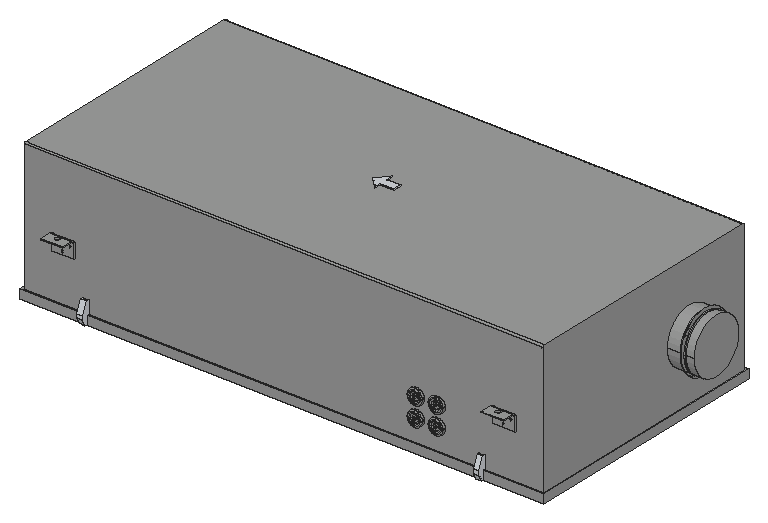
Revit family "Приточная вентустановка Naveka Node4", category Оборудование, Revit 2019
Family settings
  Размер круглого соединителя = Использовать диаметр
  Тип детали = Нормальный
  Номер OmniClass = 23.75.00.00
  Заголовок OmniClass = Climate Control (HVAC)
  На основе рабочей плоскости = Нет
  Всегда вертикально = Да
  При загрузке вырезать с полостями = Нет
  Общий = Нет
  Точка расчета площади = Нет
Parameters (values of type "Node4-100/E1")
  Ток ТЭНа (на фазу), А = "4.5"
  Сила вентилятора, А = "0.3"
  Питание, В = "1-220"
  Мощность калорифера, кВт = "1"
  Мощность вентиляторов, кВт = "0.06"
  Материал = RAL 0000 Серый металл
  d = 100 mm
  b = 125 mm
  L = 930 mm
  H = 250 mm
  D+4.5 = D + 4.5 mm  # 53.5 mm
  D+0.5 = D + 0.5 mm  # 49.5 mm
  D = 49 mm
  B = 450 mm
  ADSK_Примечание = "https://progress-nw.ru/ustanovki/node4/"  # constant formula
  ADSK_Позиция = ""
  ADSK_Наименование = "Установка вентиляционная Node4"  # constant formula
  ADSK_Масса = 25
  ADSK_Марка = "Node4-100/E1"
  ADSK_Код изделия = ""
  ADSK_Завод-изготовитель = "Naveka"  # constant formula
  ADSK_Единица измерения = "шт."  # constant formula
Types (15, lengths in mm): name | Ток ТЭНа (на фазу), А | Сила вентилятора, А | Питание, В | Мощность калорифера, кВт | Мощность вентиляторов, кВт | d | b | L | H | D+4.5 | D+0.5 | D | B | ADSK_Масса | ADSK_Марка
  (no name) | "4.5" | "0.3" | "1-220" | "1" | "0.06" | 100 | 125 | 930 | 250 | 53.5 | 49.5 | 49 | 450 | 25 | "Node4-100/E1"
  Node4-100/E1 | "4.5" | "0.3" | "1-220" | "1" | "0.06" | 100 | 125 | 930 | 250 | 53.5 | 49.5 | 49 | 450 | 25 | "Node4-100/E1"
  Node4-125/E1.5 | "6.8" | "0.3" | "1-220" | "1.5" | "0.06" | 125 | 125 | 935 | 250 | 66 | 62 | 61.5 | 490 | 30 | "Node4-100/E1.5"
  Node4-160/E2 | "9.1" | "0.4" | "1-220" | "2" | "0.09" | 160 | 150 | 965 | 294 | 83.5 | 79.5 | 79 | 520 | 33 | "Node4-160/E2"
  Node4-200/E4.5 | "13.6" | "0.6" | "3-380" | "4.5" | "0.14" | 200 | 176 | 965 | 370 | 103.5 | 99.5 | 99 | 550 | 41 | "Node4-200/E4.5"
  Node4-250/E7.5 | "9.1" | "1" | "3-380" | "7.5" | "0.21" | 250 | 185 | 965 | 390 | 128.5 | 124.5 | 124 | 600 | 43 | "Node4-250/E7.5"
  Node4-315/E9 | "13.6" | "1" | "3-380" | "9" | "0.23" | 315 | 217 | 1044 | 438 | 161 | 157 | 156.5 | 600 | 50 | "Node4-315/E9"
  Node4-125/E2 | "9.1" | "0.3" | "1-220" | "2" | "0.06" | 125 | 125 | 935 | 250 | 66 | 62 | 61.5 | 490 | 30 | "Node4-100/E2"
  Node4-160/E4.5 | "13.6" | "0.4" | "1-220" | "4.5" | "0.09" | 160 | 150 | 965 | 294 | 83.5 | 79.5 | 79 | 520 | 33 | "Node4-160/E4.5"
  Node4-200/E6 | "9.1" | "0.6" | "3-380" | "6" | "0.14" | 200 | 176 | 965 | 370 | 103.5 | 99.5 | 99 | 550 | 41 | "Node4-200/E6"
  Node4-250/E9 | "13.6" | "1" | "3-380" | "9" | "0.21" | 250 | 185 | 965 | 390 | 128.5 | 124.5 | 124 | 600 | 43 | "Node4-250/E9"
  Node4-315/E12 | "18.2" | "1" | "3-380" | "12" | "0.23" | 315 | 217 | 1044 | 438 | 161 | 157 | 156.5 | 600 | 50 | "Node4-315/E12"
  Node4-315/E15 | "22.7" | "1" | "3-380" | "15" | "0.23" | 315 | 217 | 1044 | 438 | 161 | 157 | 156.5 | 600 | 50 | "Node4-315/E15"
  Node4-315/W2 | "-" | "1" | "3-380" | "-" | "0.23" | 315 | 217 | 1044 | 438 | 161 | 157 | 156.5 | 600 | 50 | "Node4-315/W2"
  Node4-315/W3 | "-" | "1" | "3-380" | "-" | "0.23" | 315 | 217 | 1044 | 438 | 161 | 157 | 156.5 | 600 | 50 | "Node4-315/W3"
Reference planes
  plane 1 "По центру (Вперед/Назад)": y = 0
  plane 2: z = 0
  plane 3 "По центру (Влево/Вправо)": x = 0
  plane 4: y = 225
  plane 5: y = -225
  plane 6: x = 5
  plane 7: x = 465
  plane 8: z = 125
  plane 9: z = -125
  plane 10: x = 490
  plane 11: x = 494
  plane 12: x = 495
  plane 13: x = 499
  plane 14: x = 515
  plane 15: x = -465
  plane 16: x = -490
  plane 17: x = -494
  plane 18: x = -495
  plane 19: x = -499
  plane 20: x = -515
  plane 21: x = -469
  plane 22: y = 229
  plane 23: x = 469
  plane 24: y = -229
  plane 25: z = -110
  plane 26: x = 415
  plane 27: x = 375
  plane 28: x = 395
  plane 29: y = 238
  plane 30: z = -12
  plane 31: z = -24
  plane 32: x = 381
  plane 33: x = 409
  plane 34: x = -415
  plane 35: x = -375
  plane 36: x = -395
  plane 37: x = -381
  plane 38: x = -409
  plane 39: y = -238
  plane 40: x = 275
  plane 41: z = -35.309
  plane 42: z = 126
  plane 43 "По центру Л/Р": y = 100
  plane 44: x = 237.555
  plane 45: z = -70.309
  plane 46: z = -87.217
  plane 47: x = 360
  plane 48: x = 350
  plane 49: x = -360
  plane 50: x = -350
Forms (mm)
  Extrusion 1, solid, material "RAL 0000 Серый металл" <- "Материал", detail levels fine
    sketch origin (0, 10, 0) x (0, 1, 0) y (0, 0, 1)
      loop
        circle (90, 0) r 49
    from 465 to 515
  Extrusion 2, solid, material "Каучук, черный", detail levels fine
    sketch origin (0, 0, -17.195) x (0, 1, 0) y (0, 0, 1)
      loop
        circle (100, 17.195) r 49.5
    from 490 to 499
  Extrusion 3, solid, material "Каучук, черный", detail levels fine
    sketch origin (0, 0, -17.195) x (0, 1, 0) y (0, 0, 1)
      loop
        circle (100, 17.195) r 53.5
    from 494 to 495
  Extrusion 4, solid, material "RAL 0000 Серый металл" <- "Материал", detail levels fine
    sketch origin (0, 5, 0) x (0, 1, 0) y (0, 0, -1)
      loop
        circle (95, 0) r 49
    from 465 to 515
  Extrusion 5, solid, material "Каучук, черный", detail levels fine
    sketch origin (0, 0, -17.195) x (0, 1, 0) y (0, 0, -1)
      loop
        circle (100, -17.195) r 49.5
    from 490 to 499
  Extrusion 6, solid, material "Каучук, черный", detail levels fine
    sketch origin (0, 0, -17.195) x (0, 1, 0) y (0, 0, -1)
      loop
        circle (100, -17.195) r 53.5
    from 494 to 495
  Extrusion 7, solid, material "RAL 0000 Серый металл" <- "Материал"
    sketch origin (0, 0, 0) x (0, 1, 0) y (0, 0, 1)
      loop
        line (221.975, 125) -> (-221.984, 125)
        arc (-221.984, 125) -> (-224.117, 124.117) -> (-225, 121.984) r 3.016
        line (-225, 121.984) -> (-225, -125) -> (225, -125) -> (225, 121.975)
        arc (225, 121.975) -> (224.114, 124.114) -> (221.975, 125) r 3.025
    from -465 to 465
  Extrusion 8, solid, material "RAL 0000 Серый металл" <- "Материал", detail levels fine
    sketch origin (0, 0, 0) x (1, 0, 0) y (0, 1, 0)
      loop
        line (-469, 229) -> (-469, -229) -> (469, -229) -> (469, 229) -> (-469, 229)
    from -125 to -110
  Extrusion 9, solid, material "RAL 0000 Серый металл" <- "Материал", detail levels fine
    sketch origin (0, 0, 0) x (0, 1, 0) y (0, 0, 1)
      loop
        line (251.5, -1.5) -> (251.5, 0) -> (230.472, 0)
        arc (230.472, 0) -> (226.603, -1.603) -> (225, -5.472) r 5.472
        line (225, -5.472) -> (225, -30) -> (226.5, -30) -> (226.5, -5.119)
        arc (226.5, -5.119) -> (227.56, -2.56) -> (230.119, -1.5) r 3.619
        line (230.119, -1.5) -> (251.5, -1.5)
    from 375 to 415
  Extrusion 10, void
    sketch origin (0, 251.5, 0) x (0, -1, 0) y (1, 0, 0)
      loop
        circle (12.5, 395) r 4.5
    from -1.5 to 0
  Extrusion 11, void
    sketch origin (0, 0, 0) x (1, 0, 0) y (0, 0, 1)
      loop
        circle (381, -12) r 2.1
      loop
        circle (409, -12) r 2.1
      loop
        circle (395, -24) r 2.1
    from -226.5 to -225
  Extrusion 12, solid, material "RAL 0000 Серый металл" <- "Материал", detail levels fine
    sketch origin (0, 0, 0) x (0, -1, 0) y (0, 0, -1)
      loop
        line (251.5, 1.5) -> (229.519, 1.5)
        arc (229.519, 1.5) -> (227.384, 2.384) -> (226.5, 4.519) r 3.019
        line (226.5, 4.519) -> (226.5, 30) -> (225, 30) -> (225, 6.072)
        arc (225, 6.072) -> (226.778, 1.778) -> (231.072, 0) r 6.072
        line (231.072, 0) -> (251.5, 0) -> (251.5, 1.5)
    from 375 to 415
  Extrusion 13, void
    sketch origin (0, -78.122, 0) x (0, 1, 0) y (-1, 0, 0)
      loop
        circle (-159.878, -395) r 4.5
    from -1.5 to 0
  Extrusion 14, void
    sketch origin (0, 0, 0) x (1, 0, 0) y (0, 0, -1)
      loop
        circle (381, 12) r 2.1
      loop
        circle (409, 12) r 2.1
      loop
        circle (395, 24) r 2.1
    from -226.5 to -225
  Extrusion 15, solid, material "RAL 0000 Серый металл" <- "Материал", detail levels fine
    sketch origin (0, 0, 0) x (0, 1, 0) y (0, 0, -1)
      loop
        line (251.5, 1.5) -> (230.119, 1.5)
        arc (230.119, 1.5) -> (227.56, 2.56) -> (226.5, 5.119) r 3.619
        line (226.5, 5.119) -> (226.5, 30) -> (225, 30) -> (225, 5.472)
        arc (225, 5.472) -> (226.603, 1.603) -> (230.472, 0) r 5.472
        line (230.472, 0) -> (251.5, 0) -> (251.5, 1.5)
    from 375 to 415
  Extrusion 16, void
    sketch origin (-270, 251.5, 0) x (0, -1, 0) y (1, 0, 0)
      loop
        circle (13.5, -125) r 4.5
    from -1.5 to 0
  Extrusion 17, solid, material "RAL 0000 Серый металл" <- "Материал", detail levels fine
    sketch origin (0, 0, 0) x (0, -1, 0) y (0, 0, 1)
      loop
        line (251.5, -1.5) -> (251.5, 0) -> (231.072, 0)
        arc (231.072, 0) -> (226.778, -1.778) -> (225, -6.072) r 6.072
        line (225, -6.072) -> (225, -30) -> (226.5, -30) -> (226.5, -4.519)
        arc (226.5, -4.519) -> (227.384, -2.384) -> (229.519, -1.5) r 3.019
        line (229.519, -1.5) -> (251.5, -1.5)
    from 375 to 415
  Extrusion 18, void
    sketch origin (0, 0, 0) x (-1, 0, 0) y (0, 0, -1)
      loop
        circle (381, 12) r 2.1
      loop
        circle (409, 12) r 2.1
      loop
        circle (395, 24) r 2.1
    from -225 to -226.5
  Extrusion 19, void
    sketch origin (0, 0, 0) x (-1, 0, 0) y (0, 0, 1)
      loop
        circle (381, -12) r 2.1
      loop
        circle (409, -12) r 2.1
      loop
        circle (395, -24) r 2.1
    from -225 to -226.5
  Extrusion 20, void
    sketch origin (0, -78.122, 0) x (0, 1, 0) y (-1, 0, 0)
      loop
        circle (-159.878, 395) r 4.5
    from -1.5 to 0
  Revolve 21, solid, material "Пластмасса, непрозрачная, белая", detail levels fine
    sketch origin (-529.877, -1524, -35.309) x (-1, 0, 0) y (0, -1, 0)
      loop
        line (-804.877, -1299) -> (-804.877, -1296.838) -> (-807.28, -1296.838) -> (-807.28, -1298.031) -> (-808.126, -1298.031) -> (-808.126, -1296.246) -> (-811.571, -1296.246) -> (-812.57, -1295.547) -> (-814.318, -1294.72) -> (-816.292, -1294.25) -> (-818.587, -1295.575) -> (-818.587, -1299) -> (-804.877, -1299)
      axis (-804.877, -1294.25) -> (-804.877, -1299)
    angle from 0 to 360
  Extrusion 22, solid, detail levels fine
    sketch origin (58.948, 0, 0) x (-1, 0, 0) y (0, -1, 0)
      loop
        line (80.125, 0) -> (60.823, 19.302) -> (60.823, 14.302) -> (60.823, 7.861) -> (35.823, 7.861) -> (35.823, 0) -> (35.823, -7.861) -> (60.823, -7.861) -> (60.823, -14.302) -> (60.823, -19.302) -> (80.125, 0)
    from 0 to 126
  Revolve 23, solid, material "Пластмасса, непрозрачная, белая", detail levels fine
    sketch origin (-569.877, -1524, -35.309) x (-1, 0, 0) y (0, -1, 0)
      loop
        line (-807.433, -1299) -> (-807.433, -1296.838) -> (-809.835, -1296.838) -> (-809.835, -1298.031) -> (-810.681, -1298.031) -> (-810.681, -1296.246) -> (-814.126, -1296.246) -> (-815.125, -1295.547) -> (-816.873, -1294.72) -> (-818.848, -1294.25) -> (-821.142, -1295.575) -> (-821.142, -1299) -> (-807.433, -1299)
      axis (-807.433, -1294.25) -> (-807.433, -1299)
    angle from 0 to 360
  Revolve 24, solid, material "Пластмасса, непрозрачная, белая", detail levels fine
    sketch origin (-529.877, -1524, -70.309) x (-1, 0, 0) y (0, -1, 0)
      loop
        line (-804.877, -1299) -> (-804.877, -1296.838) -> (-807.28, -1296.838) -> (-807.28, -1298.031) -> (-808.126, -1298.031) -> (-808.126, -1296.246) -> (-811.571, -1296.246) -> (-812.57, -1295.547) -> (-814.318, -1294.72) -> (-816.292, -1294.25) -> (-818.587, -1295.575) -> (-818.587, -1299) -> (-804.877, -1299)
      axis (-804.877, -1294.25) -> (-804.877, -1299)
    angle from 0 to 360
  Revolve 25, solid, material "Пластмасса, непрозрачная, белая", detail levels fine
    sketch origin (-569.877, -1524, -70.309) x (-1, 0, 0) y (0, -1, 0)
      loop
        line (-807.433, -1299) -> (-807.433, -1296.838) -> (-809.835, -1296.838) -> (-809.835, -1298.031) -> (-810.681, -1298.031) -> (-810.681, -1296.246) -> (-814.126, -1296.246) -> (-815.125, -1295.547) -> (-816.873, -1294.72) -> (-818.848, -1294.25) -> (-821.142, -1295.575) -> (-821.142, -1299) -> (-807.433, -1299)
      axis (-807.433, -1294.25) -> (-807.433, -1299)
    angle from 0 to 360
  Extrusion 26, solid, detail levels fine
    sketch origin (0, 0, 0) x (0, 1, 0) y (0, 0, 1)
      loop
        line (238, -106.778) -> (229, -87.217) -> (225, -87.217) -> (225, -110) -> (226.88, -110) -> (229, -107.88) -> (229, -125) -> (232.432, -125) -> (238, -114.528) -> (238, -106.778)
    from 350 to 360
  Extrusion 27, solid, detail levels fine
    sketch origin (10, 0, 0) x (0, 1, 0) y (0, 0, -1)
      loop
        line (238, 106.778) -> (238, 114.528) -> (232.432, 125) -> (229, 125) -> (229, 107.88) -> (226.88, 110) -> (225, 110) -> (225, 87.217) -> (229, 87.217) -> (238, 106.778)
    from 360 to 370
  Extrusion 28, solid, detail levels fine
    sketch origin (0, 0, 0) x (0, -1, 0) y (0, 0, -1)
      loop
        line (238, 106.778) -> (238, 114.528) -> (232.432, 125) -> (229, 125) -> (229, 107.88) -> (226.88, 110) -> (225, 110) -> (225, 87.217) -> (229, 87.217) -> (238, 106.778)
    from 350 to 360
  Extrusion 29, solid, detail levels fine
    sketch origin (10, 0, 0) x (0, -1, 0) y (0, 0, 1)
      loop
        line (238, -106.778) -> (229, -87.217) -> (225, -87.217) -> (225, -110) -> (226.88, -110) -> (229, -107.88) -> (229, -125) -> (232.432, -125) -> (238, -114.528) -> (238, -106.778)
    from 360 to 370
Cuts and joins
  Extrusion 10, Extrusion 11, Extrusion 13, Extrusion 14, Extrusion 16, Extrusion 18 cuts Extrusion 9
  Extrusion 14, Extrusion 18, Extrusion 19 cuts Extrusion 7
  Extrusion 16, Extrusion 18, Extrusion 19 cuts Extrusion 15
  Extrusion 13, Extrusion 14, Extrusion 20 cuts Extrusion 12
  Extrusion 19, Extrusion 20 cuts Extrusion 17
Lines and regions (mm)
  model lines, detail levels coarse
    curve 1: circle (0, 0, 0) r 95 normal (0, 0, 1)
    curve 2: line (-95, 0, 0) -> (55.84, -76.857, 0)
    curve 3: line (55.84, -76.857, 0) -> (55.84, 76.857, 0)
    curve 4: line (55.84, 76.857, 0) -> (-95, 0, 0)
  model lines, not visible, detail levels coarse
    curve 5: circle (0, 0, 0) r 95 normal (0, 0, 1)
    curve 6: line (95, 0, 0) -> (-55.84, 76.857, 0)
    curve 7: line (-55.84, 76.857, 0) -> (-55.84, -76.857, 0)
    curve 8: line (-55.84, -76.857, 0) -> (95, 0, 0)
  model lines, detail levels medium
    curve 9: circle (0, 0, 0) r 75 normal (0, -1, 0)
    curve 10: line (-75, 0, 0) -> (46.678, 0, -58.704)
    curve 11: line (47.5, 0, -58.041) -> (47.5, 0, 58.041)
    curve 12: line (46.678, 0, 58.704) -> (-75, 0, 0)
  model lines, not visible, detail levels medium
    curve 13: circle (0, 0, 0) r 75 normal (0, -1, 0)
    curve 14: line (75, 0, 0) -> (-46.678, 0, 58.704)
    curve 15: line (-47.5, 0, 58.041) -> (-47.5, 0, -58.041)
    curve 16: line (-46.678, 0, -58.704) -> (75, 0, 0)
Dimensions and locks
  "B": plane 5 to plane 4
  "L": plane 15 to plane 7
  equal spacing: plane 21, plane 3 "По центру (Влево/Вправо)", plane 23
  equal spacing: plane 5, plane 1 "По центру (Вперед/Назад)", plane 4
  equal spacing: plane 8, level, plane 9
  "H": plane 8 to plane 9
  plane 7 to plane 6 = 460 mm
  locked: plane 7 to plane 10 at 25
  locked: plane 10 to plane 11 at 4
  locked: plane 11 to plane 12 at 1
  locked: plane 12 to plane 13 at 4
  locked: plane 13 to plane 14 at 16
  locked: plane 15 to plane 16 at 25
  locked: plane 16 to plane 17 at 4
  locked: plane 17 to plane 18 at 1
  locked: plane 18 to plane 19 at 4
  locked: plane 19 to plane 20 at 16
  locked: plane 24 to plane 5 at 4
  locked: plane 22 to plane 4 at 4
  locked: plane 7 to plane 23 at 4
  locked: plane 21 to plane 15 at 4
  locked: plane 25 to plane 9 at 15
  locked: plane 26 to plane 7 at 50
  locked: plane 27 to plane 26 at 40
  locked: Extrusion 9 sketch curve to Extrusion 9 sketch curve at 1.5  (x2)
  Extrusion 9 sketch curve to Extrusion 9 sketch curve = 26.5 mm
  locked: Extrusion 9 sketch curve to Extrusion 9 sketch curve at 30
  equal spacing: plane 27, plane 28, plane 26
  locked: plane 29 to plane 4 at 13
  locked: level to plane 31 at 24
  equal spacing: level, plane 30, plane 31
  locked: plane 32 to plane 28 at 14
  equal spacing: plane 32, plane 28, plane 33
  locked: plane 35 to plane 34 at 40
  equal spacing: plane 35, plane 36, plane 34
  locked: plane 37 to plane 36 at 14
  equal spacing: plane 37, plane 36, plane 38
  locked: Extrusion 12 sketch curve to Extrusion 12 sketch curve at 1.5  (x2)
  Extrusion 12 sketch curve to Extrusion 12 sketch curve = 26.5 mm
  locked: Extrusion 12 sketch curve to Extrusion 12 sketch curve at 30
  locked: plane 5 to plane 39 at 13
  locked: Extrusion 15 sketch curve to Extrusion 15 sketch curve at 1.5  (x2)
  Extrusion 15 sketch curve to Extrusion 15 sketch curve = 26.5 mm
  locked: Extrusion 15 sketch curve to Extrusion 15 sketch curve at 30
  locked: Extrusion 17 sketch curve to Extrusion 17 sketch curve at 1.5  (x2)
  Extrusion 17 sketch curve to Extrusion 17 sketch curve = 26.5 mm
  locked: Extrusion 17 sketch curve to Extrusion 17 sketch curve at 30
  locked: level to plane 41 at 35.309
  locked: plane 40 to plane 27 at 100
  equal spacing: plane 35, plane 3 "По центру (Влево/Вправо)", plane 27
  locked: plane 42 to plane 8 at 1
  "b": plane 43 "По центру Л/Р" to plane 4
  locked: plane 41 to plane 45 at 35
  locked: plane 40 to plane 44 at 37.445
  locked: plane 48 to plane 47 at 10
  locked: plane 50 to plane 49 at 10
  locked: plane 46 to plane 9 at 37.783
  locked: plane 47 to plane 27 at 15
  locked: plane 35 to plane 49 at 15
  "D": radius of Extrusion 1 sketch curve
  "D+0.5": radius of Extrusion 2 sketch curve
  "D+4.5": radius of Extrusion 3 sketch curve
  "D": radius of Extrusion 4 sketch curve
  "D+0.5": radius of Extrusion 5 sketch curve
  "D+4.5": radius of Extrusion 6 sketch curve
  radius of Extrusion 10 sketch curve = 4.5 mm
  radius of Extrusion 13 sketch curve = 4.5 mm
  radius of Extrusion 16 sketch curve = 4.5 mm
  radius of Extrusion 20 sketch curve = 4.5 mm
  aligned and locked: level to plane 2
  aligned and locked: plane 7 to Extrusion 1
  aligned and locked: Extrusion 1 to plane 14
  aligned and locked: level to Extrusion 1
  aligned and locked: level to Extrusion 2
  aligned and locked: Extrusion 3 to plane 12
  aligned and locked: plane 11 to Extrusion 3
  aligned and locked: level to Extrusion 3
  aligned and locked: Extrusion 4 to plane 20
  aligned and locked: Extrusion 5 to plane 19
  aligned and locked: Extrusion 6 to plane 18
  aligned and locked: plane 17 to Extrusion 6
  aligned and locked: plane 16 to Extrusion 5
  aligned and locked: plane 15 to Extrusion 4
  aligned and locked: Extrusion 7 to plane 15
  aligned and locked: Extrusion 7 to plane 7
  aligned and locked: plane 9 to Extrusion 7
  aligned and locked: plane 9 to Extrusion 8
  aligned and locked: Extrusion 8 to plane 25
  aligned and locked: Extrusion 9 to plane 26
  aligned and locked: plane 27 to Extrusion 9
  aligned and locked: plane 28 to Extrusion 10 sketch curve
  aligned and locked: Extrusion 9 to Extrusion 10  (x2)
  aligned and locked: plane 32 to Extrusion 11 sketch curve
  aligned and locked: plane 30 to Extrusion 11 sketch curve  (x2)
  aligned and locked: plane 33 to Extrusion 11 sketch curve
  aligned and locked: plane 28 to Extrusion 11 sketch curve
  aligned and locked: plane 31 to Extrusion 11 sketch curve
  aligned and locked: cut or joined group of Extrusion 9, Extrusion 10, Extrusion 11, Extrusion 13, Extrusion 14, Extrusion 16, Extrusion 18 to Extrusion 11
  aligned and locked: Extrusion 11 to plane 4
  aligned and locked: Extrusion 12 to plane 5
  aligned and locked: Extrusion 12 to plane 26
  aligned and locked: plane 27 to Extrusion 12
  aligned and locked: Extrusion 13 sketch curve to plane 39
  aligned and locked: plane 28 to Extrusion 13 sketch curve
  aligned and locked: Extrusion 14 to plane 5
  aligned and locked: Extrusion 12 to Extrusion 14
  aligned and locked: level to Extrusion 12
  aligned and locked: plane 35 to Extrusion 15
  aligned and locked: Extrusion 15 to plane 34
  aligned and locked: Extrusion 15 to plane 4
  aligned and locked: level to Extrusion 15
  aligned and locked: plane 36 to Extrusion 16 sketch curve
  aligned and locked: plane 29 to Extrusion 16 sketch curve
  aligned and locked: plane 35 to Extrusion 17
  aligned and locked: Extrusion 17 to plane 34
  aligned and locked: Extrusion 17 to plane 5
  aligned and locked: level to Extrusion 17
  aligned and locked: Extrusion 18 sketch curve to plane 30  (x2)
  aligned and locked: plane 38 to Extrusion 18 sketch curve
  aligned and locked: plane 37 to Extrusion 18 sketch curve
  aligned and locked: plane 36 to Extrusion 18 sketch curve
  aligned and locked: Extrusion 18 sketch curve to plane 31
  aligned and locked: plane 37 to Extrusion 19 sketch curve
  aligned and locked: plane 30 to Extrusion 19 sketch curve  (x2)
  aligned and locked: plane 38 to Extrusion 19 sketch curve
  aligned and locked: plane 36 to Extrusion 19 sketch curve
  aligned and locked: plane 31 to Extrusion 19 sketch curve
  aligned and locked: plane 36 to Extrusion 20 sketch curve
  aligned and locked: plane 39 to Extrusion 20 sketch curve
  aligned and locked: Revolve 21 to plane 5
  aligned and locked: plane 27 to cut or joined group of Extrusion 12, Extrusion 13, Extrusion 14, Extrusion 20
  aligned and locked: cut or joined group of Extrusion 12, Extrusion 13, Extrusion 14, Extrusion 20 to plane 26
  aligned and locked: level to cut or joined group of Extrusion 12, Extrusion 13, Extrusion 14, Extrusion 20
  aligned and locked: plane 33 to Extrusion 14 sketch curve
  aligned and locked: plane 30 to Extrusion 14 sketch curve  (x2)
  aligned and locked: plane 32 to Extrusion 14 sketch curve
  aligned and locked: plane 31 to Extrusion 14 sketch curve
  aligned and locked: plane 28 to Extrusion 14 sketch curve
  aligned and locked: cut or joined group of Extrusion 9, Extrusion 10, Extrusion 11, Extrusion 13, Extrusion 14, Extrusion 16, Extrusion 18 to plane 4  (x3)
  aligned and locked: Extrusion 2 to plane 13
  aligned and locked: plane 10 to Extrusion 2
  aligned and locked: plane 42 to Extrusion 22
  aligned and locked: plane 43 "По центру Л/Р" to Extrusion 1 sketch curve
  aligned and locked: plane 43 "По центру Л/Р" to Extrusion 2 sketch curve
  aligned and locked: plane 43 "По центру Л/Р" to Extrusion 4 sketch curve
  aligned and locked: plane 43 "По центру Л/Р" to Extrusion 5 sketch curve
  aligned and locked: plane 43 "По центру Л/Р" to Extrusion 3 sketch curve
  aligned and locked: plane 43 "По центру Л/Р" to Extrusion 6 sketch curve
  aligned and locked: plane 44 to Revolve 23 sketch curve
  aligned and locked: plane 40 to Revolve 24 sketch curve
  aligned and locked: plane 44 to Revolve 25 sketch curve
  aligned and locked: plane 45 to Revolve 24
  aligned and locked: plane 45 to Revolve 25
  aligned and locked: cut or joined group of Extrusion 17, Extrusion 19, Extrusion 20 to Extrusion 19
  aligned and locked: Extrusion 19 to plane 5
  aligned and locked: cut or joined group of Extrusion 15, Extrusion 16, Extrusion 18, Extrusion 19 to Extrusion 18
  aligned and locked: Extrusion 18 to plane 4
  aligned and locked: Extrusion 26 sketch curve to plane 46
  aligned and locked: Extrusion 26 sketch curve to plane 29
  aligned and locked: plane 25 to Extrusion 26 sketch curve  (x2)
  aligned and locked: plane 9 to Extrusion 26 sketch curve  (x2)
  aligned and locked: Extrusion 26 to plane 47
  aligned and locked: plane 48 to Extrusion 26
  aligned and locked: plane 49 to Extrusion 27
  aligned and locked: Extrusion 27 to plane 50
  aligned and locked: Extrusion 27 to plane 4
  aligned and locked: Extrusion 29 to plane 5
  aligned and locked: plane 39 to Extrusion 29 sketch curve
  aligned and locked: Extrusion 29 sketch curve to plane 9
  aligned and locked: plane 46 to Extrusion 29 sketch curve
  aligned and locked: plane 5 to Extrusion 29 sketch curve
  aligned and locked: Extrusion 29 sketch curve to plane 25
  aligned and locked: plane 24 to Extrusion 29 sketch curve
  aligned and locked: plane 39 to Extrusion 28 sketch curve
  aligned and locked: Extrusion 28 sketch curve to plane 9
  aligned and locked: plane 24 to Extrusion 28 sketch curve
  aligned and locked: Extrusion 28 sketch curve to plane 25
  aligned and locked: plane 5 to Extrusion 28 sketch curve
  aligned and locked: plane 46 to Extrusion 28 sketch curve
  aligned and locked: Extrusion 27 sketch curve to plane 29
  aligned and locked: plane 9 to Extrusion 27 sketch curve
  aligned and locked: Extrusion 27 sketch curve to plane 4
  aligned and locked: plane 25 to Extrusion 27 sketch curve
  aligned and locked: Extrusion 27 sketch curve to plane 46
  aligned and locked: Extrusion 27 sketch curve to plane 22
  aligned and locked: Extrusion 26 sketch curve to plane 4
  aligned and locked: Extrusion 26 sketch curve to plane 22
  aligned and locked: Extrusion 29 to plane 49
  aligned and locked: plane 50 to Extrusion 29
  aligned and locked: plane 48 to Extrusion 28
  aligned and locked: Extrusion 28 to plane 47
Automatic sketch dimensions
  curve 9 to curve 12 = 75 mm
  curve 9 to curve 10 = 0 mm
  curve 12 to curve 9 = 46.678 mm
  curve 10 to curve 9 = 46.678 mm
  curve 11 to curve 12 = 0.822 mm
  curve 13 to curve 16 = 75 mm
  curve 13 to curve 14 = 0 mm
  curve 16 to curve 13 = 46.678 mm
  curve 14 to curve 13 = 46.678 mm
  curve 15 to curve 16 = 0.822 mm
  Extrusion 8 sketch curve to plane 21 = 0 mm
  Extrusion 8 sketch curve to plane 23 = 0 mm
  plane 24 to Extrusion 8 sketch curve = 0 mm
  Extrusion 8 sketch curve to plane 22 = 0 mm
  Extrusion 9 sketch curve to plane 4 = 0 mm
  Extrusion 9 sketch curve to level = 0 mm
  plane 22 to Extrusion 9 sketch curve = 1.119 mm
  Extrusion 9 sketch curve to Extrusion 9 sketch curve = 0.354 mm
  Extrusion 10 sketch curve to Extrusion 9 = 8.528 mm
  Extrusion 12 sketch curve to plane 5 = 0 mm
  Extrusion 12 sketch curve to level = 0 mm
  Extrusion 12 sketch curve to plane 24 = 0.519 mm
  Extrusion 12 sketch curve to plane 24 = 2.072 mm
  Extrusion 15 sketch curve to plane 4 = 0 mm
  Extrusion 15 sketch curve to level = 0 mm
  plane 22 to Extrusion 15 sketch curve = 1.119 mm
  Extrusion 15 sketch curve to Extrusion 15 sketch curve = 0.354 mm
  Extrusion 17 sketch curve to plane 5 = 0 mm
  Extrusion 17 sketch curve to level = 0 mm
  plane 24 to Extrusion 17 sketch curve = 0.519 mm
  plane 24 to Extrusion 17 sketch curve = 2.072 mm
  plane 5 to Revolve 21 sketch curve = 0 mm  (x2)
  Revolve 21 sketch curve to plane 40 = 0 mm  (x2)
  plane 5 to Revolve 21 sketch curve = 0.969 mm
  plane 40 to Revolve 21 sketch curve = 2.403 mm
  Revolve 21 sketch curve to Revolve 21 sketch curve = 0.846 mm
  Revolve 21 sketch curve to plane 24 = 1.246 mm
  Revolve 21 sketch curve to Revolve 21 sketch curve = 3.445 mm
  Revolve 21 sketch curve to plane 24 = 0.547 mm
  Revolve 21 sketch curve to Revolve 21 sketch curve = 0.999 mm
  plane 24 to Revolve 21 sketch curve = 0.28 mm
  Revolve 21 sketch curve to Revolve 21 sketch curve = 1.748 mm
  plane 24 to Revolve 21 sketch curve = 0.75 mm
  Revolve 21 sketch curve to Revolve 21 sketch curve = 1.974 mm
  Revolve 21 sketch curve to plane 24 = 0.575 mm
  Revolve 21 sketch curve to Revolve 21 sketch curve = 2.294 mm
  Revolve 21 sketch curve to Revolve 21 sketch curve = 0.592 mm
  Revolve 21 sketch curve to plane 5 = 17.098 mm
  plane 5 to Revolve 23 sketch curve = 0 mm  (x2)
  Revolve 23 sketch curve to plane 44 = 0 mm
  plane 5 to Revolve 23 sketch curve = 0.969 mm
  plane 44 to Revolve 23 sketch curve = 2.403 mm
  Revolve 23 sketch curve to Revolve 23 sketch curve = 0.846 mm
  Revolve 23 sketch curve to plane 24 = 1.246 mm
  Revolve 23 sketch curve to Revolve 23 sketch curve = 3.445 mm
  Revolve 23 sketch curve to plane 24 = 0.547 mm
  Revolve 23 sketch curve to Revolve 23 sketch curve = 0.999 mm
  plane 24 to Revolve 23 sketch curve = 0.28 mm
  Revolve 23 sketch curve to Revolve 23 sketch curve = 1.748 mm
  plane 24 to Revolve 23 sketch curve = 0.75 mm
  Revolve 23 sketch curve to Revolve 23 sketch curve = 1.974 mm
  Revolve 23 sketch curve to plane 24 = 0.575 mm
  Revolve 23 sketch curve to Revolve 23 sketch curve = 2.294 mm
  Revolve 23 sketch curve to Revolve 23 sketch curve = 0.592 mm
  Revolve 23 sketch curve to plane 5 = 17.098 mm
  plane 5 to Revolve 24 sketch curve = 0 mm  (x2)
  Revolve 24 sketch curve to plane 40 = 0 mm
  plane 5 to Revolve 24 sketch curve = 0.969 mm
  plane 40 to Revolve 24 sketch curve = 2.403 mm
  Revolve 24 sketch curve to Revolve 24 sketch curve = 0.846 mm
  Revolve 24 sketch curve to plane 24 = 1.246 mm
  Revolve 24 sketch curve to Revolve 24 sketch curve = 3.445 mm
  Revolve 24 sketch curve to plane 24 = 0.547 mm
  Revolve 24 sketch curve to Revolve 24 sketch curve = 0.999 mm
  plane 24 to Revolve 24 sketch curve = 0.28 mm
  Revolve 24 sketch curve to Revolve 24 sketch curve = 1.748 mm
  plane 24 to Revolve 24 sketch curve = 0.75 mm
  Revolve 24 sketch curve to Revolve 24 sketch curve = 1.974 mm
  Revolve 24 sketch curve to plane 24 = 0.575 mm
  Revolve 24 sketch curve to Revolve 24 sketch curve = 2.294 mm
  Revolve 24 sketch curve to Revolve 24 sketch curve = 0.592 mm
  Revolve 24 sketch curve to plane 5 = 17.098 mm
  plane 5 to Revolve 25 sketch curve = 0 mm  (x2)
  Revolve 25 sketch curve to plane 44 = 0 mm
  plane 5 to Revolve 25 sketch curve = 0.969 mm
  plane 44 to Revolve 25 sketch curve = 2.403 mm
  Revolve 25 sketch curve to Revolve 25 sketch curve = 0.846 mm
  Revolve 25 sketch curve to plane 24 = 1.246 mm
  Revolve 25 sketch curve to Revolve 25 sketch curve = 3.445 mm
  Revolve 25 sketch curve to plane 24 = 0.547 mm
  Revolve 25 sketch curve to Revolve 25 sketch curve = 0.999 mm
  plane 24 to Revolve 25 sketch curve = 0.28 mm
  Revolve 25 sketch curve to Revolve 25 sketch curve = 1.748 mm
  plane 24 to Revolve 25 sketch curve = 0.75 mm
  Revolve 25 sketch curve to Revolve 25 sketch curve = 1.974 mm
  Revolve 25 sketch curve to plane 24 = 0.575 mm
  Revolve 25 sketch curve to Revolve 25 sketch curve = 2.294 mm
  Revolve 25 sketch curve to Revolve 25 sketch curve = 0.592 mm
  Revolve 25 sketch curve to plane 5 = 17.098 mm
  Extrusion 7 sketch curve to plane 5 = 0 mm
  Extrusion 7 sketch curve to plane 8 = 0 mm
  Extrusion 7 sketch curve to plane 4 = 0 mm
  plane 9 to Extrusion 7 sketch curve = 0 mm
  Extrusion 7 sketch curve to plane 5 = 3.016 mm
  Extrusion 7 sketch curve to plane 4 = 3.025 mm
  plane 1 "По центру (Вперед/Назад)" to Extrusion 22 sketch curve = 0 mm  (x2)
  plane 6 to Extrusion 22 sketch curve = 18.125 mm
  Extrusion 22 sketch curve to plane 3 "По центру (Влево/Вправо)" = 1.875 mm  (x2)
  Extrusion 22 sketch curve to Extrusion 22 sketch curve = 19.302 mm
  Extrusion 22 sketch curve to Extrusion 22 sketch curve = 7.861 mm
  Extrusion 22 sketch curve to Extrusion 22 sketch curve = 6.441 mm
  Extrusion 22 sketch curve to Extrusion 22 sketch curve = 5 mm  (x2)
  plane 1 "По центру (Вперед/Назад)" to Extrusion 22 sketch curve = 7.861 mm
  Extrusion 26 sketch curve to plane 22 = 0 mm
  Extrusion 26 sketch curve to Extrusion 26 sketch curve = 1.88 mm
  Extrusion 26 sketch curve to Extrusion 26 sketch curve = 3.432 mm
  plane 25 to Extrusion 26 sketch curve = 4.528 mm
  Extrusion 26 sketch curve to plane 25 = 2.12 mm
  Extrusion 26 sketch curve to plane 25 = 3.222 mm
  Extrusion 27 sketch curve to plane 22 = 0 mm
  Extrusion 27 sketch curve to Extrusion 27 sketch curve = 1.88 mm
  Extrusion 27 sketch curve to Extrusion 27 sketch curve = 3.432 mm
  Extrusion 27 sketch curve to plane 25 = 3.222 mm
  Extrusion 27 sketch curve to plane 25 = 2.12 mm
  plane 25 to Extrusion 27 sketch curve = 4.528 mm
  Extrusion 28 sketch curve to plane 24 = 0 mm
  Extrusion 28 sketch curve to Extrusion 28 sketch curve = 1.88 mm
  Extrusion 28 sketch curve to Extrusion 28 sketch curve = 3.432 mm
  Extrusion 28 sketch curve to plane 25 = 4.528 mm
  plane 25 to Extrusion 28 sketch curve = 2.12 mm
  plane 25 to Extrusion 28 sketch curve = 3.222 mm
  Extrusion 29 sketch curve to plane 24 = 0 mm
  Extrusion 29 sketch curve to Extrusion 29 sketch curve = 1.88 mm
  Extrusion 29 sketch curve to Extrusion 29 sketch curve = 3.432 mm
  plane 25 to Extrusion 29 sketch curve = 4.528 mm
  Extrusion 29 sketch curve to plane 25 = 2.12 mm
  Extrusion 29 sketch curve to plane 25 = 3.222 mm
  Extrusion 1 sketch curve to level = 0 mm
  Extrusion 2 sketch curve to level = 0 mm
  Extrusion 3 sketch curve to level = 0 mm
  Extrusion 4 sketch curve to level = 0 mm
  Extrusion 5 sketch curve to level = 0 mm
  Extrusion 6 sketch curve to level = 0 mm
  radius of Extrusion 11 sketch curve = 2.1 mm  (x3)
  radius of Extrusion 14 sketch curve = 2.1 mm  (x3)
  radius of Extrusion 18 sketch curve = 2.1 mm  (x3)
  radius of Extrusion 19 sketch curve = 2.1 mm  (x3)
Connectors
  hvac at (-515, 100, 0), driven by "d"
    settings: on Extrusion 4, index 1, duct flow 0.0 L/s, flow factor 0, pres drop 0.0 Pa, loss coef 0, conn angle 0.00°, conn width 304.8 mm, conn height 304.8 mm, conn diameter 100 mm, duct sys type 28, conn prof type 0, flow config 0, flow direction 0, loss method 0, conn ref index 2, conn util no, is conn primary yes, conn desc ""
  hvac at (515, 100, 0), driven by "d"
    settings: on Extrusion 1, index 2, duct flow 0.0 L/s, flow factor 0, pres drop 0.0 Pa, loss coef 0, conn angle 0.00°, conn width 304.8 mm, conn height 304.8 mm, conn diameter 100 mm, duct sys type 28, conn prof type 0, flow config 0, flow direction 0, loss method 0, conn ref index 1, conn util no, is conn primary no, conn desc ""
